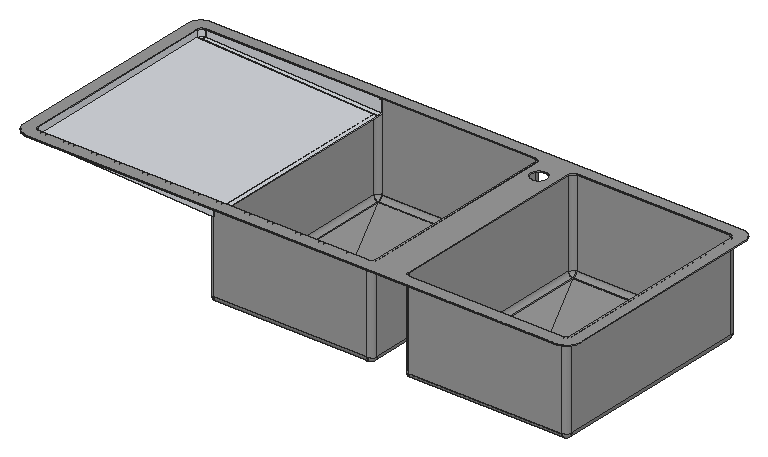
Revit family "SN22L Theo", category Plumbing Fixtures, Revit 2022
Family settings
  Round Connector Dimension = Use Diameter
  Part Type = Normal
  Work Plane-Based = Yes
  Always vertical = No
  Cut with Voids When Loaded = No
  Maintain Annotation Orientation = No
  Shared = No
  Room Calculation Point = No
Parameters (values of type "Theo 1200x500x205mm LHS")
  Width 2 = 350.0 mm
  Width 1 = 350.0 mm
  Undermount [instance] = 20.0 mm
  URL = "https://www.buildmat.com.au/products/1200x500-sink"
  Sound Pad 2 = yes
  Sound Pad 1 = yes
  Model = "SNA0022L"  # constant formula
  Manufacturer URL = "https://www.buildmat.com.au/"
  Manufacturer = "BUILDMAT"  # constant formula
  Length = 450.0 mm
  Gap = 70.0 mm
  Drainboard Length = 380.0 mm
  Drain Sound Pad 2 = yes
  Drain Sound Pad 1 = yes
  Description = "BUILDMAT - Theo 1200x500 Double Bowl with Tap Landing & LHS Drain Board Sink"  # constant formula
  Depth = 205.0 mm
  Default Elevation = 1200.0 mm
  D. S. Pad 2 = 175.0 mm
  D. S. Pad 1 = 200.0 mm
  D. Bracket 4 = 50.0 mm
  D. Bracket 3 = 50.0 mm
  D. Bracket 2 = 50.0 mm
  D. Bracket 1 = 100.0 mm
  Created By URL = "https://www.buildmat.com.au/"
  Created By = "BUILDMAT"  # constant formula
  Created = "29.06.2022"  # constant formula
  Bracket 4 = yes
  Bracket 3 = yes
  Bracket 2 = yes
  Bracket 1 = yes
  Material = BUILDMAT Stainless Steel
Reference planes
  plane 1 "Center (Front/Back)": y = -172.14
  plane 2: z = 0
  plane 3 "Center (Left/Right)": x = 0
  plane 4: x = 35
  plane 5: x = -35
  plane 6: x = 385
  plane 7: x = -385
  plane 8: y = 52.86
  plane 9: y = -397.14
  plane 10: x = 410
  plane 11: y = 77.86
  plane 12: y = -422.14
  plane 13: x = -210
  plane 14: x = 210
  plane 15: y = -387.14
  plane 16: y = 42.86
  plane 17: x = 375
  plane 18: x = 45
  plane 19: x = -45
  plane 20: x = -375
  plane 21: y = -398.64
  plane 22: y = 54.36
  plane 23: x = 386.5
  plane 24: x = 33.5
  plane 25: x = -33.5
  plane 26: x = -386.5
  plane 27: x = 267
  plane 28: x = 153
  plane 29: x = 165
  plane 30: x = 255
  plane 31: x = -153
  plane 32: x = -165
  plane 33: x = -255
  plane 34: x = -267
  plane 35 "Sound Pad 1": x = 185
  plane 36 "Sound Pad 2": x = -210
  plane 37 "Top Substrate": z = -20
  plane 38: z = -18.5
  plane 39 "Bottom Void": z = -225
  plane 40: z = -215
  plane 41: z = -205
  plane 42: z = -220
  plane 43: z = -221.481
  plane 44: z = -216.5
  plane 45 "Sound Pad": z = -125
  plane 46 "Bracket 1": x = 285
  plane 47 "Bracket 2": x = 85
  plane 48 "Bracket 3": x = -85
  plane 49 "Bracket 4": x = -335
  plane 50: y = -297.14
  plane 51: y = -47.14
  plane 52: x = 110
  plane 53: x = 310
  plane 54: x = -310
  plane 55: x = -110
  plane 56: z = -185
  plane 57: z = -165
  plane 58 "Drainboard": x = -765
  plane 59: x = -790
  plane 60: x = -766.5
  plane 61: x = -755
  plane 62: z = -35
  plane 63: z = -50
  plane 64: x = -665
Forms (mm)
  Extrusion 1, solid, material "BUILDMAT Stainless Steel" <- "Material"
    sketch origin (0, 0, -20) x (-1, 0, 0) y (0, -1, 0)
      loop
        arc (-383, 422.14) -> (-402.092, 414.232) -> (-410, 395.14) r 27
        line (-410, 395.14) -> (-410, -50.86)
        arc (-410, -50.86) -> (-402.092, -69.952) -> (-383, -77.86) r 27
        line (-383, -77.86) -> (763, -77.86)
        arc (763, -77.86) -> (782.092, -69.952) -> (790, -50.86) r 27
        line (790, -50.86) -> (790, 392.14)
        arc (790, 392.14) -> (781.213, 413.353) -> (760, 422.14) r 30
        line (760, 422.14) -> (-383, 422.14)
      loop
        arc (-375, 397.14) -> (-382.071, 394.211) -> (-385, 387.14) r 10
        line (-385, 387.14) -> (-385, -42.86)
        arc (-385, -42.86) -> (-382.071, -49.931) -> (-375, -52.86) r 10
        line (-375, -52.86) -> (-45, -52.86)
        arc (-45, -52.86) -> (-37.929, -49.931) -> (-35, -42.86) r 10
        line (-35, -42.86) -> (-35, 387.14)
        arc (-35, 387.14) -> (-37.929, 394.211) -> (-45, 397.14) r 10
        line (-45, 397.14) -> (-375, 397.14)
      loop
        line (35, 387.14) -> (35, -42.86)
        arc (35, -42.86) -> (37.929, -49.931) -> (45, -52.86) r 10
        line (45, -52.86) -> (755, -52.86)
        arc (755, -52.86) -> (762.071, -49.931) -> (765, -42.86) r 10
        line (765, -42.86) -> (765, 387.14)
        arc (765, 387.14) -> (762.071, 394.211) -> (755, 397.14) r 10
        line (755, 397.14) -> (45, 397.14)
        arc (45, 397.14) -> (37.929, 394.211) -> (35, 387.14) r 10
      loop
        circle (0, -7.86) r 17.5
    from 0 to 1.5
  Extrusion 2, solid, material "BUILDMAT Stainless Steel" <- "Material"
    sketch origin (0, 0, -20) x (-1, 0, 0) y (0, -1, 0)
      loop
        arc (-375, 397.14) -> (-382.071, 394.211) -> (-385, 387.14) r 10
        line (-385, 387.14) -> (-385, -42.86)
        arc (-385, -42.86) -> (-382.071, -49.931) -> (-375, -52.86) r 10
        line (-375, -52.86) -> (-45, -52.86)
        arc (-45, -52.86) -> (-37.929, -49.931) -> (-35, -42.86) r 10
        line (-35, -42.86) -> (-35, 387.14)
        arc (-35, 387.14) -> (-37.929, 394.211) -> (-45, 397.14) r 10
        line (-45, 397.14) -> (-375, 397.14)
      loop
        arc (-375, 398.64) -> (-383.132, 395.272) -> (-386.5, 387.14) r 11.5
        line (-386.5, 387.14) -> (-386.5, -42.86)
        arc (-386.5, -42.86) -> (-383.132, -50.992) -> (-375, -54.36) r 11.5
        line (-375, -54.36) -> (-45, -54.36)
        arc (-45, -54.36) -> (-36.868, -50.992) -> (-33.5, -42.86) r 11.5
        line (-33.5, -42.86) -> (-33.5, 387.14)
        arc (-33.5, 387.14) -> (-36.868, 395.272) -> (-45, 398.64) r 11.5
        line (-45, 398.64) -> (-375, 398.64)
    from 0 to -185
  Extrusion 3, solid, material "BUILDMAT Stainless Steel" <- "Material"
    sketch origin (0, 0, -20) x (-1, 0, 0) y (0, -1, 0)
      loop
        arc (45, 397.14) -> (37.929, 394.211) -> (35, 387.14) r 10
        line (35, 387.14) -> (35, -42.86)
        arc (35, -42.86) -> (37.929, -49.931) -> (45, -52.86) r 10
        line (45, -52.86) -> (375, -52.86)
        arc (375, -52.86) -> (382.071, -49.931) -> (385, -42.86) r 10
        line (385, -42.86) -> (385, 387.14)
        arc (385, 387.14) -> (382.071, 394.211) -> (375, 397.14) r 10
        line (375, 397.14) -> (45, 397.14)
      loop
        line (33.5, 387.14) -> (33.5, -42.86)
        arc (33.5, -42.86) -> (36.868, -50.992) -> (45, -54.36) r 11.5
        line (45, -54.36) -> (375, -54.36)
        arc (375, -54.36) -> (383.132, -50.992) -> (386.5, -42.86) r 11.5
        line (386.5, -42.86) -> (386.5, 387.14)
        arc (386.5, 387.14) -> (383.132, 395.272) -> (375, 398.64) r 11.5
        line (375, 398.64) -> (45, 398.64)
        arc (45, 398.64) -> (36.868, 395.272) -> (33.5, 387.14) r 11.5
    from 0 to -185
  Extrusion 4, solid, material "BUILDMAT Stainless Steel" <- "Material"
    sketch origin (0, -172.14, 0) x (-1, 0, 0) y (0, 0, 1)
      loop
        line (-385, -205) -> (-386.5, -205)
        arc (-386.5, -205) -> (-383.132, -213.132) -> (-375, -216.5) r 11.5
        line (-375, -216.5) -> (-375, -215)
        arc (-375, -215) -> (-382.071, -212.071) -> (-385, -205) r 10
    from -215 to 215
  Extrusion 5, solid, material "BUILDMAT Stainless Steel" <- "Material"
    sketch origin (0, -172.14, 0) x (-1, 0, 0) y (0, 0, 1)
      loop
        arc (-35, -205) -> (-37.929, -212.071) -> (-45, -215) r 10
        line (-45, -215) -> (-45, -216.5)
        arc (-45, -216.5) -> (-36.868, -213.132) -> (-33.5, -205) r 11.5
        line (-33.5, -205) -> (-35, -205)
    from -215 to 215
  Extrusion 6, solid, material "BUILDMAT Stainless Steel" <- "Material"
    sketch origin (0, -172.14, 0) x (-1, 0, 0) y (0, 0, 1)
      loop
        line (35, -205) -> (33.5, -205)
        arc (33.5, -205) -> (36.868, -213.132) -> (45, -216.5) r 11.5
        line (45, -216.5) -> (45, -215)
        arc (45, -215) -> (37.929, -212.071) -> (35, -205) r 10
    from -215 to 215
  Extrusion 7, solid, material "BUILDMAT Stainless Steel" <- "Material"
    sketch origin (0, -172.14, 0) x (-1, 0, 0) y (0, 0, 1)
      loop
        arc (385, -205) -> (382.071, -212.071) -> (375, -215) r 10
        line (375, -215) -> (375, -216.5)
        arc (375, -216.5) -> (383.132, -213.132) -> (386.5, -205) r 11.5
        line (386.5, -205) -> (385, -205)
    from -215 to 215
  Extrusion 8, solid, material "BUILDMAT Stainless Steel" <- "Material"
    sketch origin (0, 0, 0) x (0, -1, 0) y (0, 0, 1)
      loop
        line (398.64, -205) -> (397.14, -205)
        arc (397.14, -205) -> (394.211, -212.071) -> (387.14, -215) r 10
        line (387.14, -215) -> (387.14, -216.5)
        arc (387.14, -216.5) -> (395.272, -213.132) -> (398.64, -205) r 11.5
    from 45 to 375
  Extrusion 9, solid, material "BUILDMAT Stainless Steel" <- "Material"
    sketch origin (0, 0, 0) x (0, -1, 0) y (0, 0, 1)
      loop
        line (-52.86, -205) -> (-54.36, -205)
        arc (-54.36, -205) -> (-50.992, -213.132) -> (-42.86, -216.5) r 11.5
        line (-42.86, -216.5) -> (-42.86, -215)
        arc (-42.86, -215) -> (-49.931, -212.071) -> (-52.86, -205) r 10
    from 45 to 375
  Extrusion 10, solid, material "BUILDMAT Stainless Steel" <- "Material"
    sketch origin (0, 0, 0) x (0, -1, 0) y (0, 0, 1)
      loop
        arc (397.14, -205) -> (394.211, -212.071) -> (387.14, -215) r 10
        line (387.14, -215) -> (387.14, -216.5)
        arc (387.14, -216.5) -> (395.272, -213.132) -> (398.64, -205) r 11.5
        line (398.64, -205) -> (397.14, -205)
    from -375 to -45
  Extrusion 11, solid, material "BUILDMAT Stainless Steel" <- "Material"
    sketch origin (0, 0, 0) x (0, -1, 0) y (0, 0, 1)
      loop
        line (-52.86, -205) -> (-54.36, -205)
        arc (-54.36, -205) -> (-50.992, -213.132) -> (-42.86, -216.5) r 11.5
        line (-42.86, -216.5) -> (-42.86, -215)
        arc (-42.86, -215) -> (-49.931, -212.071) -> (-52.86, -205) r 10
    from -375 to -45
  Revolve 12, solid, material "BUILDMAT Stainless Steel" <- "Material"
    sketch origin (423.435, -387.14, 4000) x (1, 0, 0) y (0, 0, 1)
      loop
        arc (-38.435, -4205) -> (-41.364, -4212.071) -> (-48.435, -4215) r 10
        line (-48.435, -4215) -> (-48.435, -4216.5)
        arc (-48.435, -4216.5) -> (-40.304, -4213.132) -> (-36.935, -4205) r 11.5
        line (-36.935, -4205) -> (-38.435, -4205)
      axis (-48.435, -4205) -> (-48.435, -4216.5)
    angle from -90 to 0
  Revolve 13, solid, material "BUILDMAT Stainless Steel" <- "Material"
    sketch origin (423.435, -387.14, 4000) x (1, 0, 0) y (0, 0, 1)
      loop
        line (-388.435, -4205) -> (-389.935, -4205)
        arc (-389.935, -4205) -> (-386.567, -4213.132) -> (-378.435, -4216.5) r 11.5
        line (-378.435, -4216.5) -> (-378.435, -4215)
        arc (-378.435, -4215) -> (-385.506, -4212.071) -> (-388.435, -4205) r 10
      axis (-378.435, -4205) -> (-378.435, -4216.5)
    angle from -90 to 0
  Revolve 14, solid, material "BUILDMAT Stainless Steel" <- "Material"
    sketch origin (423.435, -387.14, 4000) x (1, 0, 0) y (0, 0, 1)
      loop
        arc (-458.435, -4205) -> (-461.364, -4212.071) -> (-468.435, -4215) r 10
        line (-468.435, -4215) -> (-468.435, -4216.5)
        arc (-468.435, -4216.5) -> (-460.304, -4213.132) -> (-456.935, -4205) r 11.5
        line (-456.935, -4205) -> (-458.435, -4205)
      axis (-468.435, -4205) -> (-468.435, -4216.5)
    angle from -90 to 0
  Revolve 15, solid, material "BUILDMAT Stainless Steel" <- "Material"
    sketch origin (423.435, -387.14, 4000) x (1, 0, 0) y (0, 0, 1)
      loop
        line (-808.435, -4205) -> (-809.935, -4205)
        arc (-809.935, -4205) -> (-806.567, -4213.132) -> (-798.435, -4216.5) r 11.5
        line (-798.435, -4216.5) -> (-798.435, -4215)
        arc (-798.435, -4215) -> (-805.506, -4212.071) -> (-808.435, -4205) r 10
      axis (-798.435, -4205) -> (-798.435, -4216.5)
    angle from -90 to 0
  Revolve 16, solid, material "BUILDMAT Stainless Steel" <- "Material"
    sketch origin (423.435, 42.86, 4000) x (1, 0, 0) y (0, 0, 1)
      loop
        arc (-38.435, -4205) -> (-41.364, -4212.071) -> (-48.435, -4215) r 10
        line (-48.435, -4215) -> (-48.435, -4216.5)
        arc (-48.435, -4216.5) -> (-40.304, -4213.132) -> (-36.935, -4205) r 11.5
        line (-36.935, -4205) -> (-38.435, -4205)
      axis (-48.435, -4205) -> (-48.435, -4216.5)
    angle from 0 to 90
  Revolve 17, solid, material "BUILDMAT Stainless Steel" <- "Material"
    sketch origin (423.435, 42.86, 4000) x (1, 0, 0) y (0, 0, 1)
      loop
        arc (-389.935, -4205) -> (-386.567, -4213.132) -> (-378.435, -4216.5) r 11.5
        line (-378.435, -4216.5) -> (-378.435, -4215)
        arc (-378.435, -4215) -> (-385.506, -4212.071) -> (-388.435, -4205) r 10
        line (-388.435, -4205) -> (-389.935, -4205)
      axis (-378.435, -4205) -> (-378.435, -4216.5)
    angle from 0 to 90
  Revolve 18, solid, material "BUILDMAT Stainless Steel" <- "Material"
    sketch origin (423.435, 42.86, 4000) x (1, 0, 0) y (0, 0, 1)
      loop
        line (-456.935, -4205) -> (-458.435, -4205)
        arc (-458.435, -4205) -> (-461.364, -4212.071) -> (-468.435, -4215) r 10
        line (-468.435, -4215) -> (-468.435, -4216.5)
        arc (-468.435, -4216.5) -> (-460.304, -4213.132) -> (-456.935, -4205) r 11.5
      axis (-468.435, -4205) -> (-468.435, -4216.5)
    angle from 0 to 90
  Revolve 19, solid, material "BUILDMAT Stainless Steel" <- "Material"
    sketch origin (423.435, 42.86, 4000) x (1, 0, 0) y (0, 0, 1)
      loop
        arc (-809.935, -4205) -> (-806.567, -4213.132) -> (-798.435, -4216.5) r 11.5
        line (-798.435, -4216.5) -> (-798.435, -4215)
        arc (-798.435, -4215) -> (-805.506, -4212.071) -> (-808.435, -4205) r 10
        line (-808.435, -4205) -> (-809.935, -4205)
      axis (-798.435, -4205) -> (-798.435, -4216.5)
    angle from 0 to 90
  Extrusion 20, solid, material "BUILDMAT Stainless Steel" <- "Material"
    sketch origin (0, 0, -20) x (-1, 0, 0) y (0, -1, 0)
      loop
        line (-45, 387.14) -> (-375, 387.14) -> (-375, -42.86) -> (-45, -42.86) -> (-45, 387.14)
    from -196.5 to -195
  Extrusion 21, solid, material "BUILDMAT Stainless Steel" <- "Material"
    sketch origin (0, 0, -20) x (-1, 0, 0) y (0, -1, 0)
      loop
        line (45, 387.14) -> (45, -42.86) -> (375, -42.86) -> (375, 387.14) -> (45, 387.14)
    from -196.5 to -195
  Blend 22, solid, material "BUILDMAT Stainless Steel" <- "Material"
    base sketch origin (0, 0, -20) x (-1, 0, 0) y (0, -1, 0)
      loop
        circle (-210, 172.14) r 57
    top sketch origin (0, 0, -20) x (-1, 0, 0) y (0, -1, 0)
      loop
        line (-375, 387.14) -> (-375, -42.86) -> (-45, -42.86) -> (-45, 387.14) -> (-375, 387.14)
    from -201.481 to -196.5
  Blend 23, solid, material "BUILDMAT Stainless Steel" <- "Material"
    base sketch origin (0, 0, -20) x (-1, 0, 0) y (0, -1, 0)
      loop
        circle (210, 172.14) r 57
    top sketch origin (0, 0, -20) x (-1, 0, 0) y (0, -1, 0)
      loop
        line (45, 387.14) -> (45, -42.86) -> (375, -42.86) -> (375, 387.14) -> (45, 387.14)
    from -201.481 to -196.5
  Blend 24, void
    base sketch origin (0, 0, -20) x (-1, 0, 0) y (0, -1, 0)
      loop
        circle (-210, 172.14) r 57
    top sketch origin (0, 0, -20) x (-1, 0, 0) y (0, -1, 0)
      loop
        line (-375, 387.14) -> (-375, -42.86) -> (-45, -42.86) -> (-45, 387.14) -> (-375, 387.14)
    from -200 to -195
  Blend 25, void
    base sketch origin (0, 0, -20) x (-1, 0, 0) y (0, -1, 0)
      loop
        circle (210, 172.14) r 57
    top sketch origin (0, 0, -20) x (-1, 0, 0) y (0, -1, 0)
      loop
        line (45, 387.14) -> (45, -42.86) -> (375, -42.86) -> (375, 387.14) -> (45, 387.14)
    from -200 to -195
  Extrusion 26, void
    sketch origin (0, 0, -225) x (-1, 0, 0) y (0, -1, 0)
      loop
        circle (-210, 172.14) r 57
    from 0 to 5
  Extrusion 27, void
    sketch origin (0, 0, -225) x (-1, 0, 0) y (0, -1, 0)
      loop
        circle (210, 172.14) r 57
    from 0 to 5
  Revolve 28, solid, material "BUILDMAT Stainless Steel" <- "Material"
    sketch origin (0, -172.14, 0) x (-1, 0, 0) y (0, 0, 1)
      loop
        spline (-267, -220) -> (-266.897, -220.653) -> (-266.591, -221.294) -> (-266.087, -221.913) -> (-265.392, -222.5) -> (-264.52, -223.044) -> (-263.485, -223.536) -> (-262.305, -223.967) -> (-261, -224.33) -> (-259.592, -224.619) -> (-258.106, -224.83) -> (-256.566, -224.957) -> (-255, -225)
        line (-255, -225) -> (-255, -223.5)
        spline (-255, -223.5) -> (-256.371, -223.47) -> (-257.718, -223.381) -> (-259.018, -223.234) -> (-260.25, -223.031) -> (-261.392, -222.777) -> (-262.425, -222.475) -> (-263.33, -222.131) -> (-264.093, -221.75) -> (-264.701, -221.339) -> (-265.142, -220.906) -> (-265.41, -220.457) -> (-265.5, -220)
        line (-265.5, -220) -> (-267, -220)
      axis (-210, -225) -> (-210, -220)
    angle from 0 to 360
  Revolve 29, solid, material "BUILDMAT Stainless Steel" <- "Material"
    sketch origin (0, -172.14, 0) x (-1, 0, 0) y (0, 0, 1)
      loop
        line (267, -220) -> (265.5, -220)
        spline (265.5, -220) -> (265.41, -220.457) -> (265.142, -220.906) -> (264.701, -221.339) -> (264.093, -221.75) -> (263.33, -222.131) -> (262.425, -222.475) -> (261.392, -222.777) -> (260.25, -223.031) -> (259.018, -223.234) -> (257.718, -223.381) -> (256.371, -223.47) -> (255, -223.5)
        line (255, -223.5) -> (255, -225)
        spline (255, -225) -> (256.566, -224.957) -> (258.106, -224.83) -> (259.592, -224.619) -> (261, -224.33) -> (262.305, -223.967) -> (263.485, -223.536) -> (264.52, -223.044) -> (265.392, -222.5) -> (266.087, -221.913) -> (266.591, -221.294) -> (266.897, -220.653) -> (267, -220)
      axis (210, -220) -> (210, -225)
    angle from 0 to 360
  Extrusion 30, solid
    sketch origin (0, -172.14, 0) x (-1, 0, 0) y (0, 0, 1)
      loop
        line (375, -50) -> (766.5, -35) -> (766.5, -20) -> (765, -20) -> (765, -33.561) -> (375, -48.499) -> (375, -50)
    from -215 to 215
  Revolve 31, solid
    sketch origin (423.435, -387.14, 4000) x (1, 0, 0) y (0, 0, 1)
      loop
        line (-1189.935, -4035) -> (-1178.435, -4035.441) -> (-1178.435, -4033.944) -> (-1188.435, -4033.561) -> (-1188.435, -4020) -> (-1189.935, -4020) -> (-1189.935, -4035)
      axis (-1178.435, -4035.441) -> (-1178.435, -4020)
    angle from -90 to 0
  Revolve 32, solid
    sketch origin (423.435, 42.86, 4000) x (1, 0, 0) y (0, 0, 1)
      loop
        line (-1189.935, -4035) -> (-1178.435, -4035.441) -> (-1178.435, -4033.944) -> (-1188.435, -4033.561) -> (-1188.435, -4020) -> (-1189.935, -4020) -> (-1189.935, -4035)
      axis (-1178.435, -4035.441) -> (-1178.435, -4020)
    angle from 0 to 90
  SweptBlend 33, solid
    path origin (0, 0, -20) x (-1, 0, 0) y (0, -1, 0)
      loop
        line (375, 397.14) -> (755, 397.14)
    profile origin (-375, -397.14, -20) x (0, -1, 0) y (0, 0, 1)
      loop
        line (0, -28.084) -> (-10, -28.499) -> (-10, -30) -> (1.5, -29.523) -> (1.5, 0) -> (0, 0) -> (0, -28.084)
    end profile origin (-755, -397.14, -20) x (0, -1, 0) y (0, 0, 1)
      loop
        line (0, -13.561) -> (-10, -13.976) -> (-10, -15.477) -> (1.5, -15) -> (1.5, 0) -> (0, 0) -> (0, -13.561)
  SweptBlend 34, solid
    path origin (0, 0, -20) x (-1, 0, 0) y (0, -1, 0)
      loop
        line (375, -42.86) -> (755, -42.86)
    profile origin (-375, 42.86, -20) x (0, -1, 0) y (0, 0, 1)
      loop
        line (-11.5, -29.523) -> (0, -30) -> (0, -28.499) -> (-10, -28.084) -> (-10, 0) -> (-11.5, 0) -> (-11.5, -29.523)
    end profile origin (-755, 42.86, -20) x (0, -1, 0) y (0, 0, 1)
      loop
        line (0, -15.477) -> (0, -13.976) -> (-10, -13.561) -> (-10, 0) -> (-11.5, 0) -> (-11.5, -15) -> (0, -15.477)
  SweptBlend 35, void
    path origin (0, 0, -20) x (-1, 0, 0) y (0, -1, 0)
      loop
        line (375, 172.14) -> (755, 172.14)
    profile origin (-375, -172.14, -20) x (0, -1, 0) y (0, 0, 1)
      loop
        line (-215, -30) -> (215, -30) -> (226.5, -29.523) -> (226.5, 0) -> (-226.5, 0) -> (-226.5, -29.523) -> (-215, -30)
    end profile origin (-755, -172.14, -20) x (0, -1, 0) y (0, 0, 1)
      loop
        line (226.5, 0) -> (-226.5, 0) -> (-226.5, -15) -> (226.5, -15) -> (226.5, 0)
Cuts and joins
  Blend 24, Extrusion 26 cuts Extrusion 20
  Blend 24, Extrusion 26 cuts Blend 22
  joined: Extrusion 20, Blend 22
  Blend 25, Extrusion 27 cuts Extrusion 21
  Blend 25, Extrusion 27 cuts Blend 23
  joined: Extrusion 21, Blend 23
  SweptBlend 35 cuts Extrusion 1
  SweptBlend 35 cuts Extrusion 3
  SweptBlend 35 cuts Revolve 31
  SweptBlend 35 cuts Revolve 32
Lines and regions (mm)
  Masking region 1
    outline origin (0, -172.14, 0) x (-1, 0, 0) y (0, 0, 1)
      loop
        line (-385, -20) -> (-385, -205)
        arc (-385, -205) -> (-382.071, -212.071) -> (-375, -215) r 10
        line (-375, -215) -> (-267, -220) -> (-153, -220) -> (-45, -215)
        arc (-45, -215) -> (-37.929, -212.071) -> (-35, -205) r 10
        line (-35, -205) -> (-35, -20) -> (-385, -20)
  Masking region 2
    outline origin (0, -172.14, 0) x (-1, 0, 0) y (0, 0, 1)
      loop
        line (35, -20) -> (35, -205)
        arc (35, -205) -> (37.609, -211.736) -> (44.076, -214.957) r 10
        line (44.076, -214.957) -> (153, -220) -> (267, -220) -> (375, -215)
        arc (375, -215) -> (382.071, -212.071) -> (385, -205) r 10
        line (385, -205) -> (385, -20) -> (35, -20)
  Masking region 3
    outline origin (0, -172.14, 0) x (-1, 0, 0) y (0, 0, 1)
      loop
        line (-33.5, -165) -> (-33.5, -185) -> (33.5, -185) -> (33.5, -165) -> (-33.5, -165)
  Masking region 4
    outline origin (423.435, 42.86, 4000) x (1, 0, 0) y (0, 0, 1)
      loop
        line (-1200.935, -4020) -> (-1202.435, -4020) -> (-1202.435, -4035) -> (-1200.935, -4035) -> (-1200.935, -4020)
  Masking region 5
    outline origin (423.435, 42.86, 4000) x (1, 0, 0) y (0, 0, 1)
      loop
        line (-809.935, -4097.929) -> (-809.935, -4055.503) -> (-816.174, -4049.264) -> (-860.437, -4047.427) -> (-809.935, -4097.929)
  Masking region 6
    outline origin (0, -172.14, -20) x (1, 0, 0) y (0, 1, 0)
      loop
        arc (-375, -225) -> (-382.071, -222.071) -> (-385, -215) r 10
        line (-385, -215) -> (-385, 215)
        arc (-385, 215) -> (-382.071, 222.071) -> (-375, 225) r 10
        line (-375, 225) -> (-755, 225)
        arc (-755, 225) -> (-762.071, 222.071) -> (-765, 215) r 10
        line (-765, 215) -> (-765, -215)
        arc (-765, -215) -> (-762.071, -222.071) -> (-755, -225) r 10
        line (-755, -225) -> (-375, -225)
Text (mm)
  text "Refer to www.buildmat.com.au for the most current product literature. \nAllow a +/- 5mm tolerance for dimensions shown in the product literature. \nPlease note product details are subject to change due to ongoing product development." at (0.056, -1035.857, 0), in view "Ref. Level"
Dimensions and locks
  equal spacing: plane 4, plane 3 "Center (Left/Right)", plane 5
  "Gap": plane 4 to plane 5
  "Width 1": plane 6 to plane 4
  "Width 2": plane 5 to plane 7
  equal spacing: plane 9, plane 1 "Center (Front/Back)", plane 8
  "Length": plane 8 to plane 9
  locked: plane 10 to plane 6 at 25
  locked: plane 12 to plane 9 at 25
  locked: plane 8 to plane 11 at 25
  equal spacing: plane 5, plane 13, plane 7
  equal spacing: plane 6, plane 14, plane 4
  locked: plane 9 to plane 15 at 10
  locked: plane 16 to plane 8 at 10
  locked: plane 6 to plane 17 at 10
  locked: plane 18 to plane 4 at 10
  locked: plane 5 to plane 19 at 10
  locked: plane 20 to plane 7 at 10
  locked: plane 8 to plane 22 at 1.5
  locked: plane 21 to plane 9 at 1.5
  locked: plane 23 to plane 6 at 1.5
  locked: plane 4 to plane 24 at 1.5
  locked: plane 25 to plane 5 at 1.5
  locked: plane 7 to plane 26 at 1.5
  plane 27 to plane 14 to plane 28 = 57.0 mm locked, 57.0 mm locked
  plane 30 to plane 14 to plane 29 = 45.0 mm locked, 45.0 mm locked
  plane 31 to plane 13 to plane 34 = 57.0 mm locked, 57.0 mm locked
  plane 32 to plane 13 to plane 33 = 45.0 mm locked, 45.0 mm locked
  locked: plane 38 to plane 37 "Top Substrate" at 1.5
  plane 41 to plane 40 to plane 39 "Bottom Void" = 10.0 mm locked, 10.0 mm locked
  locked: plane 42 to plane 39 "Bottom Void" at 5
  locked: plane 42 to plane 43 at 1.481
  locked: plane 40 to plane 44 at 1.5
  locked: plane 45 "Sound Pad" to plane 39 "Bottom Void" at 100
  "Depth": plane 37 "Top Substrate" to plane 39 "Bottom Void"
  "Undermount": plane 2 to plane 37 "Top Substrate"
  "D. S. Pad 1": plane 6 to plane 35 "Sound Pad 1"
  "D. S. Pad 2": plane 36 "Sound Pad 2" to plane 7
  "D. Bracket 1": plane 6 to plane 46 "Bracket 1"
  "D. Bracket 2": plane 47 "Bracket 2" to plane 4
  "D. Bracket 3": plane 5 to plane 48 "Bracket 3"
  "D. Bracket 4": plane 49 "Bracket 4" to plane 7
  locked: plane 9 to plane 50 at 100
  locked: plane 51 to plane 8 at 100
  plane 53 to plane 14 to plane 52 = 100.0 mm locked, 100.0 mm locked
  plane 55 to plane 13 to plane 54 = 100.0 mm locked, 100.0 mm locked
  plane 57 to plane 56 to plane 41 = 20.0 mm locked, 20.0 mm locked
  "Drainboard Length": plane 7 to plane 58 "Drainboard"
  locked: plane 58 "Drainboard" to plane 59 at 25
  locked: plane 58 "Drainboard" to plane 60 at 1.5
  locked: plane 61 to plane 58 "Drainboard" at 10
  plane 37 "Top Substrate" to plane 62 to plane 63 = 15.0 mm locked, 15.0 mm locked
  locked: plane 64 to plane 58 "Drainboard" at 100
  aligned and locked: plane 12 to Extrusion 1 sketch curve
  aligned and locked: plane 10 to Extrusion 1 sketch curve
  aligned and locked: plane 11 to Extrusion 1 sketch curve
  aligned and locked: plane 9 to Extrusion 1 sketch curve  (x2)
  aligned and locked: plane 6 to Extrusion 1 sketch curve
  aligned and locked: plane 8 to Extrusion 1 sketch curve  (x2)
  aligned and locked: plane 4 to Extrusion 1 sketch curve
  aligned and locked: plane 5 to Extrusion 1 sketch curve
  aligned and locked: Extrusion 1 to plane 37 "Top Substrate"
  aligned and locked: Extrusion 1 to plane 38
  aligned and locked: plane 9 to Extrusion 2 sketch curve
  aligned and locked: plane 21 to Extrusion 2 sketch curve
  aligned and locked: plane 6 to Extrusion 2 sketch curve
  aligned and locked: plane 23 to Extrusion 2 sketch curve
  aligned and locked: plane 24 to Extrusion 2 sketch curve
  aligned and locked: plane 4 to Extrusion 2 sketch curve
  aligned and locked: plane 22 to Extrusion 2 sketch curve
  aligned and locked: plane 8 to Extrusion 2 sketch curve
  aligned and locked: Extrusion 2 to plane 41
  aligned and locked: plane 37 "Top Substrate" to Extrusion 2
  aligned and locked: plane 9 to Extrusion 3 sketch curve
  aligned and locked: plane 7 to Extrusion 3 sketch curve
  aligned and locked: plane 8 to Extrusion 3 sketch curve
  aligned and locked: plane 5 to Extrusion 3 sketch curve
  aligned and locked: plane 25 to Extrusion 3 sketch curve
  aligned and locked: plane 26 to Extrusion 3 sketch curve
  aligned and locked: plane 21 to Extrusion 3 sketch curve
  aligned and locked: plane 22 to Extrusion 3 sketch curve
  aligned and locked: Extrusion 3 to plane 41
  aligned and locked: plane 37 "Top Substrate" to Extrusion 3
  aligned and locked: Extrusion 4 sketch curve to plane 41
  aligned and locked: Extrusion 4 sketch curve to plane 17
  aligned and locked: Extrusion 5 sketch curve to plane 41
  aligned and locked: Extrusion 5 sketch curve to plane 18
  aligned and locked: Extrusion 6 sketch curve to plane 41
  aligned and locked: Extrusion 6 sketch curve to plane 19
  aligned and locked: Extrusion 7 sketch curve to plane 20
  aligned and locked: Extrusion 7 sketch curve to plane 41
  aligned and locked: Extrusion 7 to plane 15
  aligned and locked: Extrusion 6 to plane 15
  aligned and locked: Extrusion 5 to plane 15
  aligned and locked: Extrusion 4 to plane 15
  aligned and locked: plane 16 to Extrusion 7
  aligned and locked: plane 16 to Extrusion 6
  aligned and locked: plane 16 to Extrusion 5
  aligned and locked: plane 16 to Extrusion 4
  aligned and locked: plane 41 to Extrusion 8 sketch curve
  aligned and locked: plane 15 to Extrusion 8 sketch curve
  aligned and locked: plane 16 to Extrusion 9 sketch curve
  aligned and locked: plane 41 to Extrusion 9 sketch curve
  aligned and locked: Extrusion 8 to plane 20
  aligned and locked: Extrusion 9 to plane 20
  aligned and locked: plane 19 to Extrusion 8
  aligned and locked: plane 19 to Extrusion 9
  aligned and locked: plane 15 to Extrusion 10 sketch curve
  aligned and locked: plane 41 to Extrusion 10 sketch curve
  aligned and locked: plane 16 to Extrusion 11 sketch curve
  aligned and locked: plane 41 to Extrusion 11 sketch curve
  aligned and locked: plane 17 to Extrusion 11
  aligned and locked: Extrusion 11 to plane 18
  aligned and locked: plane 17 to Extrusion 10
  aligned and locked: Extrusion 10 to plane 18
  aligned and locked: Revolve 12 sketch curve to plane 17
  aligned and locked: Revolve 12 sketch curve to plane 41
  aligned and locked: plane 17 to Revolve 12 sketch curve
  aligned and locked: Revolve 12 to plane 17
  aligned and locked: Revolve 12 to plane 15
  aligned and locked: Revolve 13 sketch curve to plane 18
  aligned and locked: plane 18 to Revolve 13 sketch curve
  aligned and locked: plane 41 to Revolve 13 sketch curve
  aligned and locked: plane 18 to Revolve 13
  aligned and locked: Revolve 13 to plane 15
  aligned and locked: Revolve 14 sketch curve to plane 19
  aligned and locked: plane 41 to Revolve 14 sketch curve
  aligned and locked: plane 19 to Revolve 14 sketch curve
  aligned and locked: Revolve 14 to plane 19
  aligned and locked: Revolve 14 to plane 15
  aligned and locked: Revolve 15 sketch curve to plane 20
  aligned and locked: plane 20 to Revolve 15 sketch curve
  aligned and locked: plane 41 to Revolve 15 sketch curve
  aligned and locked: plane 20 to Revolve 15
  aligned and locked: Revolve 15 to plane 15
  aligned and locked: Revolve 16 sketch curve to plane 17
  aligned and locked: Revolve 16 sketch curve to plane 41
  aligned and locked: plane 17 to Revolve 16 sketch curve
  aligned and locked: plane 17 to Revolve 16
  aligned and locked: Revolve 16 to plane 16
  aligned and locked: Revolve 17 sketch curve to plane 18
  aligned and locked: plane 41 to Revolve 17 sketch curve
  aligned and locked: plane 18 to Revolve 17 sketch curve
  aligned and locked: Revolve 17 to plane 18
  aligned and locked: Revolve 17 to plane 16
  aligned and locked: Revolve 18 sketch curve to plane 19
  aligned and locked: plane 41 to Revolve 18 sketch curve
  aligned and locked: plane 19 to Revolve 18 sketch curve
  aligned and locked: plane 19 to Revolve 18
  aligned and locked: Revolve 18 to plane 16
  aligned and locked: Revolve 19 sketch curve to plane 20
  aligned and locked: plane 41 to Revolve 19 sketch curve
  aligned and locked: plane 20 to Revolve 19 sketch curve
  aligned and locked: Revolve 19 to plane 16
  aligned and locked: Revolve 19 to plane 20
  aligned and locked: plane 18 to Extrusion 20 sketch curve
  aligned and locked: plane 17 to Extrusion 20 sketch curve
  aligned and locked: plane 15 to Extrusion 20 sketch curve
  aligned and locked: plane 16 to Extrusion 20 sketch curve
  aligned and locked: Extrusion 20 to plane 44
  aligned and locked: Extrusion 20 to plane 40
  aligned and locked: plane 15 to Extrusion 21 sketch curve
  aligned and locked: plane 16 to Extrusion 21 sketch curve
  aligned and locked: plane 20 to Extrusion 21 sketch curve
  aligned and locked: plane 19 to Extrusion 21 sketch curve
  aligned and locked: Extrusion 21 to plane 44
  aligned and locked: plane 40 to Extrusion 21
  aligned and locked: plane 43 to Blend 22
  aligned and locked: Blend 22 to plane 44
  aligned and locked: plane 43 to Blend 23
  aligned and locked: plane 44 to Blend 23
  aligned and locked: plane 15 to Blend 22 sketch curve
  aligned and locked: plane 16 to Blend 22 sketch curve
  aligned and locked: plane 17 to Blend 22 sketch curve
  aligned and locked: plane 18 to Blend 22 sketch curve
  aligned and locked: plane 15 to Blend 23 sketch curve
  aligned and locked: plane 16 to Blend 23 sketch curve
  aligned and locked: plane 20 to Blend 23 sketch curve
  aligned and locked: plane 19 to Blend 23 sketch curve
  aligned and locked: plane 15 to Blend 24 sketch curve
  aligned and locked: plane 16 to Blend 24 sketch curve
  aligned and locked: plane 17 to Blend 24 sketch curve
  aligned and locked: plane 18 to Blend 24 sketch curve
  aligned and locked: Blend 24 to plane 42
  aligned and locked: Blend 24 to plane 40
  aligned and locked: plane 15 to Blend 25 sketch curve
  aligned and locked: plane 16 to Blend 25 sketch curve
  aligned and locked: plane 20 to Blend 25 sketch curve
  aligned and locked: plane 19 to Blend 25 sketch curve
  aligned and locked: Blend 25 to plane 42
  aligned and locked: plane 40 to Blend 25
  aligned and locked: Extrusion 26 to plane 39 "Bottom Void"
  aligned and locked: plane 42 to Extrusion 26
  aligned and locked: Extrusion 27 to plane 39 "Bottom Void"
  aligned and locked: plane 42 to Extrusion 27
  aligned and locked: plane 14 to Revolve 28 sketch curve
  aligned and locked: Revolve 28 sketch curve to plane 42
  aligned and locked: plane 30 to Revolve 28 sketch curve
  aligned and locked: Revolve 29 sketch curve to plane 13
  aligned and locked: plane 33 to Revolve 29 sketch curve
  aligned and locked: plane 42 to Revolve 29 sketch curve
  aligned and locked: nested 1 to plane 17
  aligned and locked: nested 1 to plane 18
  aligned and locked: nested 1 to plane 16
  aligned and locked: nested 1 to plane 15
  aligned and locked: nested 2 to plane 19
  aligned and locked: nested 2 to plane 20
  aligned and locked: nested 2 to plane 16
  aligned and locked: nested 4 to plane 13
  aligned and locked: nested 3 to plane 14
  aligned and locked: nested 3 to plane 1 "Center (Front/Back)"
  aligned and locked: nested 4 to plane 1 "Center (Front/Back)"
  aligned and locked: nested 5 to plane 50
  aligned and locked: nested 5 to plane 23
  aligned and locked: nested 6 to plane 51
  aligned and locked: nested 6 to plane 23
  aligned and locked: plane 46 "Bracket 1" to nested 11
  aligned and locked: plane 47 "Bracket 2" to nested 12
  aligned and locked: nested 11 to plane 22
  aligned and locked: nested 12 to plane 22
  aligned and locked: plane 48 "Bracket 3" to nested 13
  aligned and locked: nested 13 to plane 22
  aligned and locked: plane 49 "Bracket 4" to nested 14
  aligned and locked: nested 14 to plane 22
  aligned and locked: nested 7 to plane 46 "Bracket 1"
  aligned and locked: plane 21 to nested 7
  aligned and locked: nested 8 to plane 47 "Bracket 2"
  aligned and locked: plane 21 to nested 8
  aligned and locked: nested 9 to plane 48 "Bracket 3"
  aligned and locked: nested 10 to plane 49 "Bracket 4"
  aligned and locked: plane 21 to nested 10
  aligned and locked: plane 21 to nested 9
  aligned and locked: Masking region 1 sketch curve to plane 37 "Top Substrate"
  aligned and locked: Masking region 1 sketch curve to plane 6
  aligned and locked: Masking region 1 sketch curve to plane 4
  aligned and locked: Masking region 1 sketch curve to Extrusion 4
  aligned and locked: Masking region 1 sketch curve to Extrusion 5
  aligned and locked: Masking region 1 sketch curve to plane 42
  aligned and locked: Masking region 1 sketch curve to cut or joined group of Extrusion 20, Blend 22, Blend 24, Extrusion 26  (x2)
  aligned and locked: Masking region 2 sketch curve to plane 37 "Top Substrate"
  aligned and locked: Masking region 2 sketch curve to plane 42
  aligned and locked: Masking region 2 sketch curve to plane 7
  aligned and locked: Masking region 2 sketch curve to plane 5
  aligned and locked: Masking region 2 sketch curve to Extrusion 6
  aligned and locked: Masking region 2 sketch curve to cut or joined group of Extrusion 21, Blend 23, Blend 25, Extrusion 27  (x2)
  aligned and locked: Masking region 2 sketch curve to Extrusion 7
  aligned and locked: nested 15 to plane 37 "Top Substrate"
  aligned and locked: nested 15 to plane 46 "Bracket 1"
  aligned and locked: nested 16 to plane 37 "Top Substrate"
  aligned and locked: nested 16 to plane 47 "Bracket 2"
  aligned and locked: nested 18 to plane 37 "Top Substrate"
  aligned and locked: nested 18 to plane 49 "Bracket 4"
  aligned and locked: nested 17 to plane 37 "Top Substrate"
  aligned and locked: nested 17 to plane 48 "Bracket 3"
  aligned and locked: nested 19 to plane 45 "Sound Pad"
  aligned and locked: nested 19 to plane 35 "Sound Pad 1"
  aligned and locked: nested 20 to plane 45 "Sound Pad"
  aligned and locked: nested 20 to plane 36 "Sound Pad 2"
  aligned and locked: Masking region 3 sketch curve to plane 57
  aligned and locked: Masking region 3 sketch curve to plane 56
  aligned and locked: Masking region 3 sketch curve to plane 24
  aligned and locked: Masking region 3 sketch curve to plane 25
  aligned and locked: plane 59 to Extrusion 1 sketch curve
  aligned and locked: plane 58 "Drainboard" to Extrusion 1 sketch curve
  aligned and locked: Extrusion 30 sketch curve to plane 20
  aligned and locked: Extrusion 30 sketch curve to plane 60
  aligned and locked: plane 37 "Top Substrate" to Extrusion 30 sketch curve
  aligned and locked: Extrusion 30 sketch curve to plane 58 "Drainboard"
  aligned and locked: plane 15 to Extrusion 30
  aligned and locked: plane 16 to Extrusion 30
  aligned and locked: plane 61 to Revolve 31 sketch curve  (x2)
  aligned and locked: plane 60 to Revolve 31 sketch curve
  aligned and locked: plane 58 "Drainboard" to Revolve 31 sketch curve
  aligned and locked: Revolve 31 sketch curve to Extrusion 30
  aligned and locked: Extrusion 30 to Revolve 31 sketch curve
  aligned and locked: plane 37 "Top Substrate" to Revolve 31 sketch curve
  aligned and locked: plane 61 to Revolve 31
  aligned and locked: plane 15 to Revolve 31
  aligned and locked: Revolve 32 sketch curve to plane 37 "Top Substrate"
  aligned and locked: plane 61 to Revolve 32 sketch curve  (x2)
  aligned and locked: plane 60 to Revolve 32 sketch curve
  aligned and locked: plane 58 "Drainboard" to Revolve 32 sketch curve
  aligned and locked: plane 37 "Top Substrate" to Revolve 32 sketch curve
  aligned and locked: Extrusion 30 to Revolve 32 sketch curve
  aligned and locked: Revolve 32 sketch curve to Extrusion 30
  aligned and locked: plane 16 to Revolve 32
  aligned and locked: Revolve 32 to plane 61
  aligned and locked: SweptBlend 33 sketch curve to plane 20
  aligned and locked: SweptBlend 33 sketch curve to plane 61
  aligned and locked: plane 9 to SweptBlend 33 sketch curve  (x3)
  aligned and locked: plane 21 to SweptBlend 33 sketch curve  (x2)
  aligned and locked: plane 37 "Top Substrate" to SweptBlend 33 sketch curve  (x2)
  aligned and locked: plane 15 to SweptBlend 33 sketch curve  (x2)
  aligned and locked: SweptBlend 34 sketch curve to plane 20
  aligned and locked: SweptBlend 34 sketch curve to plane 61
  aligned and locked: plane 16 to SweptBlend 34 sketch curve  (x3)
  aligned and locked: plane 22 to SweptBlend 34 sketch curve  (x2)
  aligned and locked: plane 8 to SweptBlend 34 sketch curve  (x2)
  aligned and locked: plane 37 "Top Substrate" to SweptBlend 34 sketch curve  (x2)
  aligned and locked: SweptBlend 35 sketch curve to plane 20
  aligned and locked: SweptBlend 35 sketch curve to plane 1 "Center (Front/Back)"
  aligned and locked: SweptBlend 35 sketch curve to plane 61
  aligned and locked: plane 63 to SweptBlend 35 sketch curve
  aligned and locked: plane 37 "Top Substrate" to SweptBlend 35 sketch curve
  aligned and locked: plane 21 to SweptBlend 35 sketch curve
  aligned and locked: plane 22 to SweptBlend 35 sketch curve  (x2)
  aligned and locked: SweptBlend 35 sketch curve to plane 21
  aligned and locked: SweptBlend 35 sketch curve to plane 37 "Top Substrate"
  aligned and locked: SweptBlend 35 sketch curve to plane 62
  aligned and locked: plane 21 to nested 21
  aligned and locked: nested 21 to plane 64
  aligned and locked: plane 22 to nested 24
  aligned and locked: plane 64 to nested 24
  aligned and locked: nested 23 to plane 51
  aligned and locked: nested 23 to plane 60
  aligned and locked: nested 22 to plane 50
  aligned and locked: nested 22 to plane 60
  aligned and locked: Masking region 6 sketch curve to plane 9
  aligned and locked: Masking region 6 sketch curve to plane 8
  aligned and locked: Masking region 6 sketch curve to plane 58 "Drainboard"
  aligned and locked: Masking region 6 sketch curve to plane 7
  aligned and locked: nested 2 to cut or joined group of Extrusion 21, Blend 23, Blend 25, Extrusion 27
Automatic sketch dimensions
  Extrusion 1 sketch curve to plane 17 = 0.0 mm  (x2)
  Extrusion 1 sketch curve to plane 18 = 0.0 mm  (x2)
  Extrusion 1 sketch curve to plane 5 = 0.0 mm
  plane 15 to Extrusion 1 sketch curve = 0.0 mm
  Extrusion 1 sketch curve to plane 19 = 0.0 mm
  Extrusion 1 sketch curve to plane 15 = 0.0 mm
  Extrusion 1 sketch curve to plane 61 = 0.0 mm
  plane 6 to Extrusion 1 sketch curve = 2.0 mm  (x2)
  Extrusion 1 sketch curve to plane 58 "Drainboard" = 5.0 mm
  Extrusion 1 sketch curve to plane 58 "Drainboard" = 2.0 mm
  Extrusion 2 sketch curve to Extrusion 2 sketch curve = 0.0 mm  (x8)
  Extrusion 2 sketch curve to plane 17 = 0.0 mm  (x2)
  Extrusion 2 sketch curve to plane 18 = 0.0 mm
  plane 15 to Extrusion 2 sketch curve = 0.0 mm
  Extrusion 3 sketch curve to Extrusion 3 sketch curve = 0.0 mm  (x8)
  Extrusion 3 sketch curve to plane 19 = 0.0 mm  (x2)
  plane 16 to Extrusion 3 sketch curve = 0.0 mm
  Extrusion 3 sketch curve to plane 20 = 0.0 mm
  plane 23 to Extrusion 4 sketch curve = 0.0 mm
  plane 6 to Extrusion 4 sketch curve = 0.0 mm
  plane 4 to Extrusion 5 sketch curve = 0.0 mm
  plane 24 to Extrusion 5 sketch curve = 0.0 mm
  plane 25 to Extrusion 6 sketch curve = 0.0 mm
  plane 5 to Extrusion 6 sketch curve = 0.0 mm
  plane 7 to Extrusion 7 sketch curve = 0.0 mm
  plane 26 to Extrusion 7 sketch curve = 0.0 mm
  Extrusion 8 sketch curve to plane 9 = 0.0 mm
  Extrusion 8 sketch curve to plane 21 = 0.0 mm
  Extrusion 9 sketch curve to plane 22 = 0.0 mm
  Extrusion 9 sketch curve to plane 8 = 0.0 mm
  Extrusion 10 sketch curve to plane 9 = 0.0 mm
  Extrusion 10 sketch curve to plane 21 = 0.0 mm
  Extrusion 11 sketch curve to plane 22 = 0.0 mm
  Extrusion 11 sketch curve to plane 8 = 0.0 mm
  plane 6 to Revolve 12 sketch curve = 0.0 mm
  plane 23 to Revolve 12 sketch curve = 0.0 mm
  Revolve 12 sketch curve to plane 44 = 0.0 mm
  Revolve 12 sketch curve to plane 41 = 0.0 mm
  plane 24 to Revolve 13 sketch curve = 0.0 mm
  plane 4 to Revolve 13 sketch curve = 0.0 mm
  Revolve 13 sketch curve to plane 44 = 0.0 mm
  Revolve 13 sketch curve to plane 41 = 0.0 mm
  plane 5 to Revolve 14 sketch curve = 0.0 mm
  plane 25 to Revolve 14 sketch curve = 0.0 mm
  Revolve 14 sketch curve to plane 44 = 0.0 mm
  Revolve 14 sketch curve to plane 41 = 0.0 mm
  plane 26 to Revolve 15 sketch curve = 0.0 mm
  plane 7 to Revolve 15 sketch curve = 0.0 mm
  Revolve 15 sketch curve to plane 44 = 0.0 mm
  Revolve 15 sketch curve to plane 41 = 0.0 mm
  plane 6 to Revolve 16 sketch curve = 0.0 mm
  plane 23 to Revolve 16 sketch curve = 0.0 mm
  Revolve 16 sketch curve to plane 44 = 0.0 mm
  Revolve 16 sketch curve to plane 41 = 0.0 mm
  plane 24 to Revolve 17 sketch curve = 0.0 mm
  plane 4 to Revolve 17 sketch curve = 0.0 mm
  Revolve 17 sketch curve to plane 44 = 0.0 mm
  Revolve 17 sketch curve to plane 41 = 0.0 mm
  plane 5 to Revolve 18 sketch curve = 0.0 mm
  plane 25 to Revolve 18 sketch curve = 0.0 mm
  Revolve 18 sketch curve to plane 44 = 0.0 mm
  Revolve 18 sketch curve to plane 41 = 0.0 mm
  plane 26 to Revolve 19 sketch curve = 0.0 mm
  plane 7 to Revolve 19 sketch curve = 0.0 mm
  Revolve 19 sketch curve to plane 44 = 0.0 mm
  Revolve 19 sketch curve to plane 41 = 0.0 mm
  Blend 22 sketch curve to plane 1 "Center (Front/Back)" = 0.0 mm
  Blend 22 sketch curve to plane 14 = 0.0 mm
  Blend 23 sketch curve to plane 1 "Center (Front/Back)" = 0.0 mm
  Blend 23 sketch curve to plane 13 = 0.0 mm
  Blend 24 sketch curve to plane 1 "Center (Front/Back)" = 0.0 mm
  Blend 24 sketch curve to plane 14 = 0.0 mm
  Blend 25 sketch curve to plane 1 "Center (Front/Back)" = 0.0 mm
  Blend 25 sketch curve to plane 13 = 0.0 mm
  Extrusion 26 sketch curve to plane 1 "Center (Front/Back)" = 0.0 mm
  Extrusion 26 sketch curve to plane 14 = 0.0 mm
  Extrusion 27 sketch curve to plane 1 "Center (Front/Back)" = 0.0 mm
  Extrusion 27 sketch curve to plane 13 = 0.0 mm
  plane 27 to Revolve 28 sketch curve = 0.0 mm
  Revolve 28 sketch curve to plane 39 "Bottom Void" = 0.0 mm  (x2)
  Revolve 28 sketch curve to plane 41 = 0.0 mm
  plane 27 to Revolve 28 sketch curve = 1.5 mm
  Revolve 28 sketch curve to Revolve 28 sketch curve = 1.5 mm
  plane 34 to Revolve 29 sketch curve = 0.0 mm
  Revolve 29 sketch curve to plane 39 "Bottom Void" = 0.0 mm  (x2)
  Revolve 29 sketch curve to plane 41 = 0.0 mm
  Revolve 29 sketch curve to Revolve 29 sketch curve = 1.5 mm  (x2)
  Extrusion 30 sketch curve to plane 63 = 0.0 mm
  Extrusion 30 sketch curve to plane 62 = 0.0 mm
  Extrusion 30 sketch curve to Extrusion 30 sketch curve = 1.501 mm
  Extrusion 30 sketch curve to plane 62 = 1.439 mm
  Revolve 31 sketch curve to plane 63 = 0.0 mm
  Revolve 31 sketch curve to plane 37 "Top Substrate" = 0.0 mm
  Revolve 32 sketch curve to plane 63 = 0.0 mm
  SweptBlend 33 sketch curve to plane 37 "Top Substrate" = 28.084 mm
  SweptBlend 33 sketch curve to SweptBlend 33 sketch curve = 0.415 mm  (x2)
  SweptBlend 33 sketch curve to SweptBlend 33 sketch curve = 1.439 mm  (x2)
  SweptBlend 33 sketch curve to SweptBlend 33 sketch curve = 1.501 mm  (x2)
  SweptBlend 33 sketch curve to plane 37 "Top Substrate" = 13.561 mm
  SweptBlend 34 sketch curve to SweptBlend 34 sketch curve = 13.561 mm
  SweptBlend 34 sketch curve to SweptBlend 34 sketch curve = 0.415 mm  (x2)
  SweptBlend 34 sketch curve to SweptBlend 34 sketch curve = 1.439 mm  (x2)
  SweptBlend 34 sketch curve to SweptBlend 34 sketch curve = 1.501 mm  (x2)
  SweptBlend 34 sketch curve to plane 37 "Top Substrate" = 28.084 mm
  SweptBlend 35 sketch curve to SweptBlend 35 sketch curve = 11.5 mm  (x2)
  SweptBlend 35 sketch curve to SweptBlend 35 sketch curve = 0.477 mm  (x2)
  Masking region 4 sketch curve to plane 37 "Top Substrate" = 0.0 mm
  Masking region 4 sketch curve to plane 62 = 0.0 mm
  plane 59 to Masking region 4 sketch curve = 11.0 mm
  Masking region 4 sketch curve to Masking region 4 sketch curve = 1.5 mm
  plane 26 to Masking region 5 sketch curve = 0.0 mm
  Masking region 5 sketch curve to plane 63 = 0.736 mm
  plane 26 to Masking region 5 sketch curve = 6.239 mm
  Masking region 5 sketch curve to plane 63 = 2.573 mm
  Masking region 5 sketch curve to Masking region 5 sketch curve = 44.263 mm
  plane 63 to Masking region 5 sketch curve = 5.503 mm
  plane 45 "Sound Pad" to Masking region 5 sketch curve = 27.071 mm
  Masking region 6 sketch curve to plane 61 = 0.0 mm
  Masking region 6 sketch curve to plane 16 = 0.0 mm
  plane 16 to Masking region 6 sketch curve = 0.0 mm
  Masking region 6 sketch curve to plane 20 = 0.0 mm
  radius of Blend 22 sketch curve = 57.0 mm
  radius of Blend 23 sketch curve = 57.0 mm
  radius of Blend 24 sketch curve = 57.0 mm
  radius of Blend 25 sketch curve = 57.0 mm
  radius of Extrusion 26 sketch curve = 57.0 mm
  radius of Extrusion 27 sketch curve = 57.0 mm
Nested families
  nested 1: "BOWL Plan" at (210, -172.14, -125) x (-1, 0, 0) z (0, 0, 1), type "BOWL Plan"
    with Width 330.0 mm, Lenght 430.0 mm
  nested 2: "BOWL Plan" at (-210, -172.14, -125) x (-1, 0, 0) z (0, 0, 1), type "BOWL Plan"
    with Width 330.0 mm, Lenght 430.0 mm
  nested 3: "DRAIN" at (210, -172.14, -20) x (-1, 0, 0) z (0, 0, 1), type "DRAIN"
  nested 4: "DRAIN" at (-210, -172.14, -20) x (-1, 0, 0) z (0, 0, 1), type "DRAIN"
  nested 5: "TMB_Plan" at (386.5, -297.14, -225) x (0, -1, 0) z (0, 0, 1), type "TMB_Plan"
  nested 6: "TMB_Plan" at (386.5, -47.14, -225) x (0, -1, 0) z (0, 0, 1), type "TMB_Plan"
  nested 7: "TMB_Plan" at (285, -398.64, -225) x (-1, 0, 0) z (0, 0, 1), visible <- "Bracket 1", type "TMB_Plan"
  nested 8: "TMB_Plan" at (85, -398.64, -225) x (-1, 0, 0) z (0, 0, 1), visible <- "Bracket 2", type "TMB_Plan"
  nested 9: "TMB_Plan" at (-85, -398.64, -225) x (-1, 0, 0) z (0, 0, 1), visible <- "Bracket 3", type "TMB_Plan"
  nested 10: "TMB_Plan" at (-335, -398.64, -225) x (-1, 0, 0) z (0, 0, 1), visible <- "Bracket 4", type "TMB_Plan"
  nested 11: "TMB_Plan" at (285, 54.36, -225), visible <- "Bracket 1", type "TMB_Plan"
  nested 12: "TMB_Plan" at (85, 54.36, -225), visible <- "Bracket 2", type "TMB_Plan"
  nested 13: "TMB_Plan" at (-85, 54.36, -225), visible <- "Bracket 3", type "TMB_Plan"
  nested 14: "TMB_Plan" at (-335, 54.36, -225), visible <- "Bracket 4", type "TMB_Plan"
  nested 15: "TMB_Front" at (285, -172.14, -20) x (-1, 0, 0) z (0, 1, 0), visible <- "Bracket 1", type "TMB_Front"
  nested 16: "TMB_Front" at (85, -172.14, -20) x (-1, 0, 0) z (0, 1, 0), visible <- "Bracket 2", type "TMB_Front"
  nested 17: "TMB_Front" at (-85, -172.14, -20) x (-1, 0, 0) z (0, 1, 0), visible <- "Bracket 3", type "TMB_Front"
  nested 18: "TMB_Front" at (-335, -172.14, -20) x (-1, 0, 0) z (0, 1, 0), visible <- "Bracket 4", type "TMB_Front"
  nested 19: "SP_Front" at (185, -172.14, -125) x (-1, 0, 0) z (0, 1, 0), visible <- "Sound Pad 1", type "SP_Front"
  nested 20: "SP_Front" at (-210, -172.14, -125) x (-1, 0, 0) z (0, 1, 0), visible <- "Sound Pad 2", type "SP_Front"
  nested 21: "GB_Plan" at (-665, -398.64, -20) x (-1, 0, 0) z (0, 0, 1), type "GB_Plan"
  nested 22: "GB_Plan" at (-766.5, -297.14, -20) x (0, 1, 0) z (0, 0, 1), type "GB_Plan"
  nested 23: "GB_Plan" at (-766.5, -47.14, -20) x (0, 1, 0) z (0, 0, 1), type "GB_Plan"
  nested 24: "GB_Plan" at (-665, 54.36, -20), type "GB_Plan"
Definition of nested family "BOWL Plan"
  Parameters (values of type "BOWL Plan")
    Width [instance] = 600.0 mm
    Lenght [instance] = 400.0 mm
  Reference planes
    plane 1 "Center (Front/Back)": y = 0
    plane 2: z = 0
    plane 3 "Center (Left/Right)": x = 0
    plane 4 "Left": x = -300
    plane 5 "Right": x = 300
    plane 6 "Back": y = 200
    plane 7 "Front": y = -200
  Lines and regions (mm)
    Masking region 1, in view "Ref. Level"
      outline origin (0, 0, 0) x (1, 0, 0) y (0, 1, 0)
        loop
          line (-300, 200) -> (-300, -200) -> (300, -200) -> (300, 200) -> (-300, 200)
    detail lines, in view "Ref. Level"
      curve 1: line (-300, 200, 0) -> (300, -200, 0)
      curve 2: line (-300, -200, 0) -> (300, 200, 0)
  Dimensions and locks
    equal spacing: plane 6 "Back", plane 1 "Center (Front/Back)", plane 7 "Front"
    "Lenght": plane 6 "Back" to plane 7 "Front"
    equal spacing: plane 4 "Left", plane 3 "Center (Left/Right)", plane 5 "Right"
    "Width": plane 4 "Left" to plane 5 "Right"
    aligned and locked: plane 4 "Left" to Masking region 1 sketch curve
    aligned and locked: Masking region 1 sketch curve to plane 5 "Right"
    aligned and locked: plane 7 "Front" to Masking region 1 sketch curve
    aligned and locked: Masking region 1 sketch curve to plane 6 "Back"
  Automatic sketch dimensions
    curve 2 to plane 4 "Left" = 0.0 mm
    curve 1 to plane 4 "Left" = 0.0 mm
    curve 2 to plane 5 "Right" = 0.0 mm
    curve 1 to plane 5 "Right" = 0.0 mm
    curve 1 to plane 7 "Front" = 0.0 mm
    curve 2 to plane 7 "Front" = 0.0 mm
    curve 2 to plane 6 "Back" = 0.0 mm
    curve 1 to plane 6 "Back" = 0.0 mm
Definition of nested family "DRAIN"
  Reference planes
    plane 1 "Center (Front/Back)": y = 0
    plane 2: z = 0
    plane 3 "Center (Left/Right)": x = 0
  Lines and regions (mm)
    Masking region 1, in view "Ref. Level"
      outline origin (0, 0, 0) x (1, 0, 0) y (0, 1, 0)
        loop
          circle (0, 0) r 57
    detail lines, in view "Ref. Level"
      curve 1: circle (0, 0, 0) r 45 normal (0, 0, 1)
      curve 2: circle (0, 0, 0) r 55.5 normal (0, 0, 1)
Definition of nested family "TMB_Plan"
  Reference planes
    plane 1 "Center (Front/Back)": y = 0
    plane 2: z = 0
    plane 3 "Center (Left/Right)": x = 0
  Lines and regions (mm)
    detail lines, in view "Ref. Level"
      curve 1: line (-17.5, 0, 0) -> (17.5, 0, 0)
      curve 2: line (17.5, 0, 0) -> (17.5, 5, 0)
      curve 3: line (17.5, 5, 0) -> (12.5, 5, 0)
      curve 4: line (-17.5, 0, 0) -> (-17.5, 5, 0)
      curve 5: line (-17.5, 5, 0) -> (-12.5, 5, 0)
Definition of nested family "TMB_Front"
  Reference planes
    plane 1 "Center (Elevation)": y = 0
    plane 2: z = 0
    plane 3 "Center (Left/Right)": x = 0
  Lines and regions (mm)
    Masking region 1, in view "Ref. Level"
      outline origin (0, 0, 0) x (1, 0, 0) y (0, 1, 0)
        loop
          line (-17.5, 0) -> (-17.5, -80) -> (17.5, -80) -> (17.5, 0) -> (-17.5, 0)
    detail lines, in view "Ref. Level"
      curve 1: line (-17.5, 0, 0) -> (-17.5, -80, 0)
      curve 2: line (-17.5, -80, 0) -> (17.5, -80, 0)
      curve 3: line (17.5, -80, 0) -> (17.5, 0, 0)
      curve 4: line (-12.5, -50, 0) -> (12.5, -50, 0)
      curve 5: line (-12.5, -75, 0) -> (-12.5, -50, 0)
      curve 6: line (12.5, -75, 0) -> (-12.5, -75, 0)
      curve 7: line (12.5, -50, 0) -> (12.5, -75, 0)
Definition of nested family "SP_Front"
  Reference planes
    plane 1 "Center (Elevation)": y = 0
    plane 2: z = 0
    plane 3 "Center (Left/Right)": x = 0
  Lines and regions (mm)
    Masking region 1, in view "Ref. Level"
      outline origin (0, 0, 0) x (1, 0, 0) y (0, 1, 0)
        loop
          arc (-50, 40) -> (-57.071, 37.071) -> (-60, 30) r 10
          line (-60, 30) -> (-60, -30)
          arc (-60, -30) -> (-57.071, -37.071) -> (-50, -40) r 10
          line (-50, -40) -> (50, -40)
          arc (50, -40) -> (57.071, -37.071) -> (60, -30) r 10
          line (60, -30) -> (60, 30)
          arc (60, 30) -> (57.071, 37.071) -> (50, 40) r 10
          line (50, 40) -> (-50, 40)
    detail lines, in view "Ref. Level"
      curve 1: line (-50, 40, 0) -> (50, 40, 0)
      curve 2: line (50, -40, 0) -> (-50, -40, 0)
      curve 3: line (60, 30, 0) -> (60, -30, 0)
      curve 4: line (-60, 30, 0) -> (-60, -30, 0)
      curve 5: arc (-50, 40, 0) -> (-57.071, 37.071, 0) -> (-60, 30, 0) r 10
      curve 6: arc (-60, -30, 0) -> (-57.071, -37.071, 0) -> (-50, -40, 0) r 10
      curve 7: arc (50, -40, 0) -> (57.071, -37.071, 0) -> (60, -30, 0) r 10
      curve 8: arc (60, 30, 0) -> (57.071, 37.071, 0) -> (50, 40, 0) r 10
  Dimensions and locks
    aligned and locked: Masking region 1 sketch curve to curve 1
    aligned and locked: Masking region 1 sketch curve to curve 4
    aligned and locked: Masking region 1 sketch curve to curve 2
    aligned and locked: Masking region 1 sketch curve to curve 3
Definition of nested family "GB_Plan"
  Reference planes
    plane 1 "Center (Front/Back)": y = 0
    plane 2: z = 0
    plane 3 "Center (Left/Right)": x = 0
  Lines and regions (mm)
    detail lines, in view "Ref. Level"
      curve 1: line (-10, 0, 0) -> (10, 0, 0)
      curve 2: line (-10, 0, 0) -> (-10, 10, 0)
      curve 3: line (10, 0, 0) -> (10, 10, 0)
      curve 4: line (-10, 10, 0) -> (-6.464, 13.536, 0)
      curve 5: line (10, 10, 0) -> (6.464, 13.536, 0)
